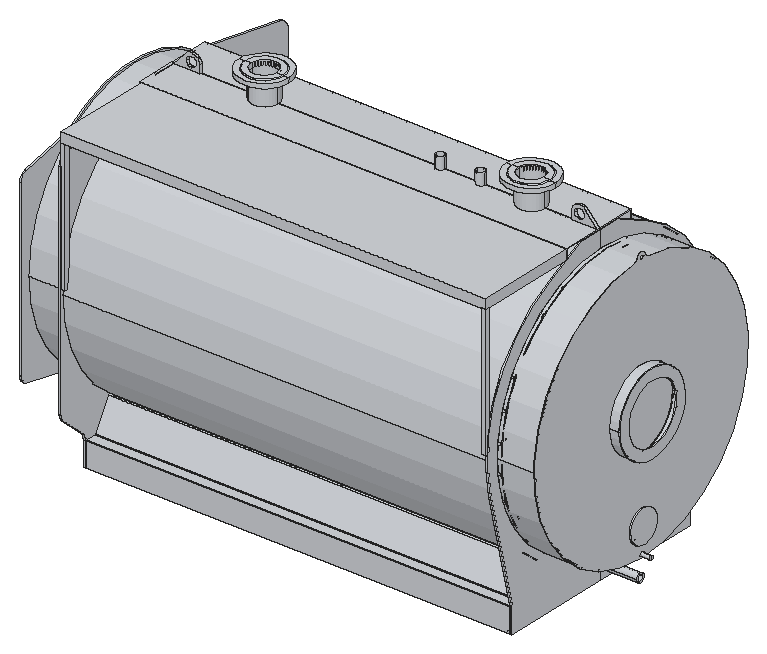
Revit family "BIMON_Котел_Водогрейный_TEMRON_WL1250", category Оборудование, Revit 2019
Family settings
  Размер круглого соединителя = Использовать диаметр
  Классификация = Нет
  Тип детали = Нормальный
  На основе рабочей плоскости = Нет
  Всегда вертикально = Да
  При загрузке вырезать с полостями = Нет
  Общий = Нет
  Точка расчета площади = Нет
Parameters
  УГО_Резмер [instance] = 0 mm
  УГО [instance] = yes
  Разработчик_Сайт = "https://www.bimon.ru/"
  Разработчик = "BIMON"  # constant formula
  Изготовитель = "Temron"  # constant formula
  URL = "https://temron.ru/catalog/temron-wl/main-wl/"
  TERMON_Расход уходящих газов = "2009 кг/ч"
  TEMRON_Теплопроизводительность = "1.25 МВт/1.07 (Гкал/ч)"
  TEMRON_Температура уходящих газов = "180-185 /185-190 °С"
  TEMRON_Температура на выходе из котла = "110 °С"
  TEMRON_Температура на входе в котёл = "60 °С"
  TEMRON_Сопротивление газового тракта = "7 мбар"
  TEMRON_Расход топлива для природного газа = "134.1 м³/ч"
  TEMRON_Расход воды через котел = "42.9 м³/ч"
  TEMRON_Номинальная производительность = "1.25 МВт"
  TEMRON_Максимальное рабочее давление = "0.6 МПа"
  TEMRON_Максимальная температура пара = 110 mm
  TEMRON_КПД = "92.4 %"
  TEMRON_Водяной объём котла = "1.4 м³"
  D5_Уходящие газы = 400 mm  # constant formula
  D4_Дренажный патрубок газового котла = 15 mm  # constant formula
  D3_Дренажный патрубок = 32 mm  # constant formula
  D2_Аварийная линия = 32 mm  # constant formula
  D1_Выход теплоносителя = 125 mm  # constant formula
  D1_Вход теплоносителя = 125 mm  # constant formula
  ADSK_Этаж [instance] = ""
  ADSK_Расход жидкости [instance] = 0.0 L/s
  ADSK_Расход воздуха [instance] = 0.0 L/s
  ADSK_Примечание [instance] = ""
  ADSK_Позиция [instance] = ""
  ADSK_Обозначение = ADSK_Марка  # "WL 1250"
  ADSK_Наименование краткое [instance] = "Котел низкого давления"
  ADSK_Наименование = "Водогрейный котел низкого давления"
  ADSK_Материал = none
  ADSK_Масса_Текст = "2081"
  ADSK_Масса = 2081  # constant formula
  ADSK_Марка = "WL 1250"  # constant formula
  ADSK_Количество = 1  # constant formula
  ADSK_Код изделия = ""
  ADSK_Завод-изготовитель = "Temron"  # constant formula
  ADSK_Единица измерения = "шт"  # constant formula
  ADSK_URL страницы изделия = "https://temron.ru/catalog/temron-wl/vodogreynye-kotly-nizkogo-davleniya-temron-wl-1250/"
Reference planes
  plane 1 "По центру (Вперед/Назад)": y = 0
  plane 2: z = 0
  plane 3 "По центру (Влево/Вправо)": x = 0
  plane 4: z = 1423
  plane 5: z = 1552
  plane 6: z = 1554
  plane 7: z = 1408.288
  plane 8: z = 830
  plane 9: z = 830
  plane 10: z = 830
  plane 11: z = 830
  plane 12: z = 1408.288
  plane 13: z = 830
  plane 14: x = -200
  plane 15: z = 830
Forms (mm)
  Extrusion 1, solid, detail levels fine
    sketch origin (0, 0, -220) x (0, 1, 0) y (0, 0, 1)
      loop
        circle (0, 1050) r 641
      loop
        circle (0, 1050) r 635
    from -1250 to 850
  Extrusion 2, solid, detail levels fine
    sketch origin (-1260, 1234.069, 980) x (0, 1, 0) y (0, 0, 1)
      loop
        circle (-1236.366, -150) r 642
      loop
        circle (-1236.366, -150) r 636
    from 0 to -10
  Extrusion 3, solid, detail levels fine
    sketch origin (-1260, 1234.069, 980) x (0, 1, 0) y (0, 0, 1)
      loop
        circle (-1234.069, -150) r 635
      loop
        circle (-1234.069, -150) r 140
    from 0 to -1
  Extrusion 4, solid, detail levels fine
    sketch origin (858.214, 1168.888, 980) x (0, 1, 0) y (0, 0, 1)
      loop
        circle (-1168.888, -150) r 565
      loop
        circle (-1168.888, -150) r 590
    from 0 to 10
  Extrusion 5, solid, detail levels fine
    sketch origin (858, 1168.888, 980) x (0, 1, 0) y (0, 0, 1)
      loop
        circle (-1168.888, -150) r 635
      loop
        circle (-1168.888, -150) r 180
    from 0 to 10
  Extrusion 6, solid, detail levels fine
    sketch origin (-1260, 1234.069, 1355) x (0, 1, 0) y (0, 0, 1)
      loop
        line (-684.069, -1235) -> (-724.069, -1235) -> (-724.069, -1238.9)
        arc (-724.069, -1238.9) -> (-723.044, -1241.375) -> (-720.569, -1242.4) r 3.5
        line (-720.569, -1242.4) -> (-695.069, -1242.4)
        arc (-695.069, -1242.4) -> (-690.473, -1244.304) -> (-688.569, -1248.9) r 6.5
        line (-688.569, -1248.9) -> (-688.569, -1341.1)
        arc (-688.569, -1341.1) -> (-690.473, -1345.696) -> (-695.069, -1347.6) r 6.5
        line (-695.069, -1347.6) -> (-720.569, -1347.6)
        arc (-720.569, -1347.6) -> (-723.044, -1348.625) -> (-724.069, -1351.1) r 3.5
        line (-724.069, -1351.1) -> (-724.069, -1355) -> (-684.069, -1355) -> (-684.069, -1235)
      loop
        line (-1784.069, -1235) -> (-1784.069, -1355) -> (-1744.069, -1355) -> (-1744.069, -1351.1)
        arc (-1744.069, -1351.1) -> (-1745.094, -1348.625) -> (-1747.569, -1347.6) r 3.5
        line (-1747.569, -1347.6) -> (-1773.069, -1347.6)
        arc (-1773.069, -1347.6) -> (-1777.665, -1345.696) -> (-1779.569, -1341.1) r 6.5
        line (-1779.569, -1341.1) -> (-1779.569, -1248.9)
        arc (-1779.569, -1248.9) -> (-1777.665, -1244.304) -> (-1773.069, -1242.4) r 6.5
        line (-1773.069, -1242.4) -> (-1747.569, -1242.4)
        arc (-1747.569, -1242.4) -> (-1745.094, -1241.375) -> (-1744.069, -1238.9) r 3.5
        line (-1744.069, -1238.9) -> (-1744.069, -1235) -> (-1784.069, -1235)
    from 10 to 2110
  Sweep 7, solid, detail levels fine
    path origin (110, 0, -374.979) x (1, 0, 0) y (0, 0, 1)
      loop
        line (600, 579.979) -> (600, 529.979)
        arc (600, 529.979) -> (621.967, 476.946) -> (675, 454.979) r 75
        line (675, 454.979) -> (945, 454.979)
    profile origin (710, 0, 180) x (0, -1, 0) y (1, 0, 0)
      loop
        circle (0, 0) r 21
      loop
        circle (0, 0) r 18
  Extrusion 8, solid, detail levels fine
    sketch origin (-1260, 1234.069, 980) x (0, 1, 0) y (0, 0, 1)
      loop
        circle (-1236.366, -150) r 690
      loop
        circle (-1236.366, -150) r 691
    from 0 to 2110
  Extrusion 9, solid, detail levels fine
    sketch origin (-1260, 1234.069, 808) x (0, 1, 0) y (0, 0, 1)
      loop
        line (-1034.069, 652.488) -> (-1034.069, 746) -> (-1233.069, 746) -> (-1233.069, 730) -> (-1231.069, 730) -> (-1231.069, 744) -> (-1036.069, 744) -> (-1036.069, 652.488) -> (-1034.069, 652.488)
      loop
        line (-1237.065, 730) -> (-1235.065, 730) -> (-1235.065, 746) -> (-1434.069, 746) -> (-1434.069, 649) -> (-1432.069, 649) -> (-1432.069, 744) -> (-1237.065, 744) -> (-1237.065, 730)
    from 2110 to 0
  Extrusion 10, solid, detail levels fine
    sketch origin (-1260, 1234.069, 1355) x (0, 1, 0) y (0, 0, 1)
      loop
        line (-1783.069, -1232) -> (-1783.069, -1235) -> (-1728.077, -1235)
        arc (-1728.077, -1235) -> (-1724.077, -1233.928) -> (-1721.149, -1231) r 8
        line (-1721.149, -1231) -> (-1643.009, -1095.672)
        arc (-1643.009, -1095.672) -> (-1639.954, -1093.337) -> (-1636.145, -1093.861) r 5
        line (-1636.145, -1093.861) -> (-1602.004, -1113.572) -> (-1600.504, -1110.974) -> (-1634.726, -1091.216)
        arc (-1634.726, -1091.216) -> (-1640.776, -1090.451) -> (-1645.607, -1094.172) r 8
        line (-1645.607, -1094.172) -> (-1723.739, -1229.5)
        arc (-1723.739, -1229.5) -> (-1725.569, -1231.33) -> (-1728.069, -1232) r 5
        line (-1728.069, -1232) -> (-1783.069, -1232)
      loop
        line (-685.069, -1232) -> (-740.069, -1232)
        arc (-740.069, -1232) -> (-742.569, -1231.33) -> (-744.399, -1229.5) r 5
        line (-744.399, -1229.5) -> (-822.531, -1094.172)
        arc (-822.531, -1094.172) -> (-827.362, -1090.451) -> (-833.412, -1091.216) r 8
        line (-833.412, -1091.216) -> (-867.634, -1110.974) -> (-866.134, -1113.572) -> (-831.993, -1093.861)
        arc (-831.993, -1093.861) -> (-828.184, -1093.337) -> (-825.129, -1095.672) r 5
        line (-825.129, -1095.672) -> (-746.989, -1231)
        arc (-746.989, -1231) -> (-744.061, -1233.928) -> (-740.061, -1235) r 8
        line (-740.061, -1235) -> (-685.069, -1235) -> (-685.069, -1232)
    from 10 to 2110
  Revolve 11, solid, detail levels fine
    sketch origin (0, 0, -220) x (1, 0, 0) y (0, 0, 1)
      loop
        line (-1263, 650) -> (-1263, 642) -> (566, 642)
        spline (566, 642) -> (594.142, 645.688) -> (621.54, 656.578) -> (647.641, 674.288) -> (672.047, 698.353) -> (694.455, 728.291) -> (714.576, 763.581) -> (732.14, 803.63) -> (746.89, 847.782) -> (758.609, 895.304) -> (767.114, 945.411) -> (772.271, 997.264) -> (774, 1050)
        line (774, 1050) -> (766, 1050)
        spline (766, 1050) -> (764.289, 997.79) -> (759.185, 946.472) -> (750.776, 896.927) -> (739.205, 850) -> (724.671, 806.495) -> (707.421, 767.157) -> (687.752, 732.659) -> (666, 703.59) -> (642.537, 680.448) -> (617.764, 663.63) -> (592.105, 653.422) -> (566, 650)
        line (566, 650) -> (-1263, 650)
      axis (-1263, 1050) -> (774, 1050)
    angle from 0 to 360
  Revolve 12, solid, detail levels fine
    sketch origin (110, 0, -220) x (1, 0, 0) y (0, 0, 1)
      loop
        line (758, 1396) -> (554, 1396) -> (572.625, 1363.74) -> (758, 1363.74) -> (758, 1382.442) -> (758, 1396)
      axis (554, 1050) -> (758, 1050)
    angle from 0 to 360
  Extrusion 13, solid, detail levels fine
    sketch origin (-4078.688, -1524, 1009) x (-1, 0, 0) y (0, -1, 0)
      loop
        circle (-4143.688, -1524) r 20.95
      loop
        circle (-4143.688, -1524) r 19.45
    from 448 to 600
  Revolve 14, solid, detail levels fine
    sketch origin (110, 0, -220) x (1, 0, 0) y (0, 0, 1)
      loop
        line (784.575, 1238.5) -> (638.657, 1238.5) -> (638.657, 1050) -> (646.657, 1050) -> (646.657, 1229.503) -> (784.575, 1229.503) -> (784.575, 1238.5)
      axis (784.575, 1050) -> (638.657, 1050)
    angle from 0 to 360
  Revolve 15, solid, detail levels fine
    sketch origin (514.873, 0, 1475.63) x (1, 0, 0) y (0, 0, 1)
      loop
        line (-62.5, 188.37) -> (-62.5, 212.37) -> (-91.873, 212.37) -> (-94.873, 209.37) -> (-122.373, 209.37) -> (-122.373, 188.37) -> (-62.5, 188.37)
      axis (0, 212.37) -> (0, 188.37)
    angle from 0 to 360
  Extrusion 16, solid, detail levels fine
    sketch origin (-1570, 0, 830) x (0, 1, 0) y (0, 0, 1)
      loop
        circle (0, 0) r 658
      loop
        circle (0, 0) r 652
    from 123 to 300
  Revolve 17, solid, detail levels fine
    sketch origin (-1570, 0, 830) x (1, 0, 0) y (0, 0, 1)
      loop
        line (300, -652.499) -> (300, -622.499) -> (239.893, -622.499) -> (126, -622.499)
        arc (126, -622.499) -> (123.879, -623.378) -> (123, -625.499) r 3
        line (123, -625.499) -> (123, -652.499) -> (300, -652.499)
      axis (123, 0) -> (300, 0)
    angle from 0 to 360
  Extrusion 18, solid, detail levels fine
    sketch origin (-1447, 0, 830) x (0, 1, 0) y (0, 0, 1)
      loop
        line (415.235, -522.528) -> (668.259, -469.138)
        arc (668.259, -469.138) -> (691.067, -455.196) -> (700, -430) r 40
        line (700, -430) -> (700, 430)
        arc (700, 430) -> (691.067, 455.196) -> (668.259, 469.138) r 40
        line (668.259, 469.138) -> (415.235, 522.529)
        arc (415.235, 522.529) -> (404.986, 525.879) -> (395.694, 531.349) r 50
        arc (395.694, 531.349) -> (0, 662.5) -> (-395.694, 531.349) r 662.5
        arc (-395.694, 531.349) -> (-404.986, 525.879) -> (-415.235, 522.529) r 50
        line (-415.235, 522.529) -> (-668.259, 469.138)
        arc (-668.259, 469.138) -> (-691.067, 455.196) -> (-700, 430) r 40
        line (-700, 430) -> (-700, -430)
        arc (-700, -430) -> (-691.067, -455.196) -> (-668.259, -469.138) r 40
        line (-668.259, -469.138) -> (-415.235, -522.528)
        arc (-415.235, -522.528) -> (-404.986, -525.879) -> (-395.694, -531.349) r 50
        arc (-395.694, -531.349) -> (0, -662.5) -> (395.694, -531.349) r 662.5
        arc (395.694, -531.349) -> (404.986, -525.879) -> (415.235, -522.528) r 50
      loop
        circle (0, 0) r 140
    from 0 to -8
  Extrusion 19, solid, detail levels fine
    sketch origin (-1165.3, -1524, 1863.003) x (0, 0, 1) y (0, -1, 0)
      loop
        circle (-1033.003, -1524) r 185
      loop
        circle (-1033.003, -1524) r 205
    from -297.736 to -289.7
  Extrusion 20, solid, detail levels fine
    sketch origin (-1173.336, -1524, 1863.003) x (0, 0, 1) y (0, -1, 0)
      loop
        circle (-1033.003, -1524) r 205
    from -301.664 to -289.7
  Extrusion 21, solid, detail levels fine
    sketch origin (1125, 0, 829.999) x (0, -1, 0) y (0, 0, 1)
      loop
        circle (0, 0) r 652
      loop
        circle (0, 0) r 655
    from 68 to 252
  Revolve 22, solid, detail levels fine
    sketch origin (1635, 0, 830) x (-1, 0, 0) y (0, 0, 1)
      loop
        line (749, -652.499) -> (749, -625.499)
        arc (749, -625.499) -> (749.293, -624.792) -> (750, -624.499) r 1
        line (750, -624.499) -> (762, -624.499) -> (762, -622.499) -> (750, -622.499)
        arc (750, -622.499) -> (747.879, -623.378) -> (747, -625.499) r 3
        line (747, -625.499) -> (747, -652.499) -> (749, -652.499)
      axis (747, 0) -> (762, 0)
    angle from 0 to 360
  Extrusion 23, solid, detail levels fine
    sketch origin (1057, 0, 830) x (0, -1, 0) y (0, 0, 1)
      loop
        circle (0, 0) r 200
      loop
        circle (0, -515) r 65
      loop
        arc (-24.651, 672.767) -> (-32.65, 663.081) -> (-44.352, 658.508) r 25
        arc (-44.352, 658.508) -> (0, -660) -> (44.352, 658.508) r 660
        arc (44.352, 658.508) -> (32.65, 663.081) -> (24.651, 672.767) r 25
        line (24.651, 672.767) -> (20.392, 681.9)
        arc (20.392, 681.9) -> (0, 694.891) -> (-20.392, 681.9) r 22.5
        line (-20.392, 681.9) -> (-24.651, 672.767)
      loop
        circle (0, 672.391) r 12.5
    from 0 to -3
  Extrusion 24, solid, detail levels fine
    sketch origin (1057, 0, 830) x (0, -1, 0) y (0, 0, 1)
      loop
        circle (0, 0) r 195
      loop
        circle (0, 0) r 198
    from -3 to -53
  Extrusion 25, solid, detail levels fine
    sketch origin (1057, 0, 830) x (0, -1, 0) y (0, 0, 1)
      loop
        circle (0, 0) r 200
      loop
        circle (0, 0) r 150
    from -59 to -53
  Revolve 26, solid, detail levels fine
    sketch origin (1635, 0, 830) x (-1, 0, 0) y (0, 0, 1)
      loop
        line (745, -622.499) -> (745, -652.499) -> (765, -652.499) -> (765, -622.499) -> (745, -622.499)
      axis (745, 0) -> (765, 0)
    angle from 0 to 360
  Extrusion 27, solid, detail levels fine
    sketch origin (760, 0, 1636.988) x (-1, 0, 0) y (0, 0, 1)
      loop
        line (-30.78, -18.84) -> (-90, -85.988) -> (-90, -165.988) -> (40, -165.988) -> (40, -45.988)
        arc (40, -45.988) -> (13.936, -8.1) -> (-30.78, -18.84) r 40.606
      loop
        circle (0, -45.988) r 25
    from -5 to 5
  Extrusion 28, solid, detail levels fine
    sketch origin (-805, 0, 1459) x (1, 0, 0) y (0, 1, 0)
      loop
        circle (0, 0) r 62.5
      loop
        circle (0, 0) r 66.5
    from -4 to 224
  Extrusion 29, solid, detail levels fine
    sketch origin (860, 3521.357, 2224.673) x (0, -1, 0) y (0, 0, -1)
      loop
        line (3521.357, 2224.673) -> (3521.357, 2169.673)
        arc (3521.357, 2169.673) -> (3546.357, 2144.673) -> (3521.357, 2119.673) r 25
        line (3521.357, 2119.673) -> (3521.357, 2035.673)
        arc (3521.357, 2035.673) -> (4162.357, 1394.673) -> (3521.357, 753.673) r 641
        line (3521.357, 753.673) -> (3521.357, 670.673) -> (3621.357, 670.673)
        arc (3621.357, 670.673) -> (3632.114, 671.844) -> (3642.367, 675.302) r 50
        line (3642.367, 675.302) -> (3815.494, 759.47)
        arc (3815.494, 759.47) -> (4151.669, 1090.196) -> (4201.769, 1559.113) r 700
        line (4201.769, 1559.113) -> (4072.756, 2092.936)
        arc (4072.756, 2092.936) -> (4071.708, 2098.767) -> (4071.357, 2104.681) r 50
        line (4071.357, 2104.681) -> (4071.357, 2224.673) -> (3521.357, 2224.673)
    from -2 to -10
  Extrusion 30, solid, detail levels fine
    sketch origin (-1260, -1234.069, 980) x (0, -1, 0) y (0, 0, -1)
      loop
        line (-1234.069, 980) -> (-1784.069, 980) -> (-1784.069, 860.008)
        arc (-1784.069, 860.008) -> (-1788.371, 839.717) -> (-1800.538, 822.917) r 50
        line (-1800.538, 822.917) -> (-1917.6, 717.09)
        arc (-1917.6, 717.09) -> (-1929.767, 700.291) -> (-1934.069, 680) r 50
        line (-1934.069, 680) -> (-1934.069, -420)
        arc (-1934.069, -420) -> (-1922.457, -452.037) -> (-1893.013, -469.194) r 50
        line (-1893.013, -469.194) -> (-1343.013, -573.193)
        arc (-1343.013, -573.193) -> (-1338.559, -573.798) -> (-1334.069, -574) r 50
        line (-1334.069, -574) -> (-1234.069, -574) -> (-1234.069, -491)
        arc (-1234.069, -491) -> (-1875.069, 150) -> (-1234.069, 791) r 641
        line (-1234.069, 791) -> (-1234.069, 980)
    from 0 to 10
  Extrusion 31, solid, detail levels fine
    sketch origin (1060, 0, 775) x (0, 1, 0) y (0, 0, 1)
      loop
        circle (0, -460) r 80
      loop
        circle (0, -387.5) r 4.75
      loop
        circle (62.787, -496.25) r 4.75
      loop
        circle (-62.787, -496.25) r 4.75
    from 0 to 13
  Extrusion 32, solid, detail levels fine
    sketch origin (-3878.688, -1524, 1009) x (-1, 0, 0) y (0, -1, 0)
      loop
        circle (-4143.688, -1524) r 20.95
      loop
        circle (-4143.688, -1524) r 19.45
    from 448 to 600
  Sweep 33, solid, detail levels fine
    path origin (-87.676, 0, 327.193) x (0.985926, 0, 0.167181) y (-0.167181, 0, 0.985926)
      loop
        line (-1181.48, 1163.24) -> (-1218.103, 1184.385)
    profile origin (-1466.821, 0, 1283.903) x (-0.34818, 0, -0.937428) y (0, -1, 0)
      loop
        circle (0, 0.103) r 24
  Sweep 34, solid, detail levels fine
    path origin (-69.786, 0, 320.548) x (0.985926, 0, 0.167181) y (-0.167181, 0, 0.985926)
      loop
        line (-1234.63, 1193.927) -> (-1265.068, 1211.5)
    profile origin (-1503.116, 0, 1297.383) x (-0.34818, 0, -0.937428) y (0, -1, 0)
      loop
        circle (0, 0) r 30
  Extrusion 35, solid, detail levels fine
    sketch origin (-1160, 0, 1636.988) x (1, 0, 0) y (0, 0, -1)
      loop
        arc (-30.78, 18.84) -> (13.936, 8.1) -> (40, 45.988) r 40.606
        line (40, 45.988) -> (40, 165.988) -> (-90, 165.988) -> (-90, 85.988) -> (-30.78, 18.84)
      loop
        circle (0, 45.988) r 25
    from -5 to 5
  Extrusion 36, solid, detail levels fine
    sketch origin (-1260, 1234.069, 980) x (0, 1, 0) y (0, 0, 1)
      loop
        line (-1234.069, -980) -> (-1234.069, -791)
        arc (-1234.069, -791) -> (-1875.069, -150) -> (-1234.069, 491) r 641
        line (-1234.069, 491) -> (-1234.069, 574) -> (-1334.069, 574)
        arc (-1334.069, 574) -> (-1338.559, 573.798) -> (-1343.013, 573.193) r 50
        line (-1343.013, 573.193) -> (-1893.013, 469.194)
        arc (-1893.013, 469.194) -> (-1922.457, 452.037) -> (-1934.069, 420) r 50
        line (-1934.069, 420) -> (-1934.069, -680)
        arc (-1934.069, -680) -> (-1929.767, -700.291) -> (-1917.6, -717.09) r 50
        line (-1917.6, -717.09) -> (-1800.538, -822.917)
        arc (-1800.538, -822.917) -> (-1788.371, -839.717) -> (-1784.069, -860.008) r 50
        line (-1784.069, -860.008) -> (-1784.069, -980) -> (-1234.069, -980)
    from 0 to 10
  Extrusion 37, solid, detail levels fine
    sketch origin (860, -3521.357, 2224.673) x (0, 1, 0) y (0, 0, 1)
      loop
        line (3521.357, -2224.673) -> (4071.357, -2224.673) -> (4071.357, -2104.681)
        arc (4071.357, -2104.681) -> (4071.708, -2098.767) -> (4072.756, -2092.936) r 50
        line (4072.756, -2092.936) -> (4201.769, -1559.113)
        arc (4201.769, -1559.113) -> (4151.669, -1090.196) -> (3815.494, -759.47) r 700
        line (3815.494, -759.47) -> (3642.367, -675.302)
        arc (3642.367, -675.302) -> (3632.114, -671.844) -> (3621.357, -670.673) r 50
        line (3621.357, -670.673) -> (3521.357, -670.673) -> (3521.357, -753.673)
        arc (3521.357, -753.673) -> (4162.357, -1394.673) -> (3521.357, -2035.673) r 641
        line (3521.357, -2035.673) -> (3521.357, -2119.673)
        arc (3521.357, -2119.673) -> (3546.357, -2144.673) -> (3521.357, -2169.673) r 25
        line (3521.357, -2169.673) -> (3521.357, -2224.673)
    from -2 to -10
  Extrusion 38, solid, detail levels fine
    sketch origin (515, 0, 1459) x (1, 0, 0) y (0, 1, 0)
      loop
        circle (0, 0) r 62.5
      loop
        circle (0, 0) r 66.5
    from -4 to 224
  Revolve 39, solid, detail levels fine
    sketch origin (-805, 0, 1475.63) x (1, 0, 0) y (0, 0, 1)
      loop
        line (-62.5, 188.37) -> (-62.5, 212.37) -> (-91.873, 212.37) -> (-94.873, 209.37) -> (-122.373, 209.37) -> (-122.373, 188.37) -> (-62.5, 188.37)
      axis (0, 212.37) -> (0, 188.37)
    angle from 0 to 360
  Extrusion 40, solid, detail levels fine
    sketch origin (-1260, 171.997, 814) x (0, 1, 0) y (0, 0, 1)
      loop
        line (-871.997, 740) -> (-871.997, 690) -> (-371.997, 690) -> (-371.997, 740) -> (-871.997, 740)
    from 10 to 2110
  Extrusion 41, solid, detail levels fine
    sketch origin (-1307.815, -1304.985, 1474) x (-1, 0, 0) y (0, -1, 0)
      loop
        line (-57.815, -624.985) -> (-57.815, -604.985) -> (-77.815, -604.985) -> (-77.815, -624.985) -> (-57.815, -624.985)
      loop
        line (-2137.815, -624.985) -> (-2137.815, -604.985) -> (-2157.815, -604.985) -> (-2157.815, -624.985) -> (-2137.815, -624.985)
    from -616 to 30
  Revolve 42, solid, detail levels fine
    sketch origin (-1301.916, 0, 830) x (1, 0, 0) y (0, 0, 1)
      loop
        line (-145.084, 140) -> (31.916, 140) -> (31.916, 652) -> (-145.084, 652) -> (-145.084, 140)
      axis (31.916, 0) -> (-145.084, 0)
    angle from 0 to 360
  Revolve 43, solid
    sketch origin (284, 0, 18.679) x (1, 0, 0) y (0, 0, 1)
      loop
        line (776, 169.32) -> (826, 169.32) -> (826, 179.32) -> (776, 179.32) -> (776, 169.32)
      axis (776, 169.32) -> (826, 169.32)
    angle from 0 to 360
Lines and regions (mm)
  model lines, detail levels coarse+medium
    curve 1: line (-1550, 0, 2180) -> (1150, 0, 2180)
    curve 2: line (-1550, 0, -520) -> (-1550, 0, 2180)
    curve 3: line (1150, 0, -520) -> (-1550, 0, -520)
    curve 4: line (1150, 0, 2180) -> (1150, 0, -520)
Dimensions and locks
  plane 9 to level = 830 mm
  plane 10 to level = 830 mm
  plane 11 to level = 830 mm
  Revolve 42 sketch curve to Revolve 42 sketch curve = 140 mm
  Revolve 42 sketch curve to Revolve 42 sketch curve = 652 mm
  curve 2 to plane 14 = 1350 mm
  plane 14 to curve 4 = 1350 mm
  curve 1 to plane 15 = 1350 mm
  plane 15 to curve 3 = 1350 mm
  nested 3 to nested 3 = 2700 mm
  diameter of Extrusion 4 sketch curve = 1130 mm
  aligned and locked: level to plane 2
  aligned and locked: Extrusion 6 to Extrusion 1
  aligned and locked: Extrusion 1 to Extrusion 6
  aligned and locked: Extrusion 18 to Sweep 33 sketch curve
Nested families
  nested 1: "Надпись_Temron_крышка_WL1100" at (-1455, -306, 1160) x (0, -1, 0) z (1, 0, 0), type "Надпись_Temron_крышка_WL1100", detail levels fine
  nested 2: "Надпись_Temron_бак_WL1100" at (-200, -1.028, 824.753) x (-1, 0, 0) z (0, 0, 1), type "Надпись_Temron_бак_WL1100", detail levels fine
  nested 3: "УГО_Котел_Разрез" at (-200, 0, 0), visible <- "УГО", type "УГО_Котел_Разрез", detail levels coarse+medium
    with H 2700 mm
Connectors
  piping at (1110, 0, 187.999), diameter 15, driven by "D4_Дренажный патрубок газового котла"
    settings: on Revolve 43, index 14, connector inside diameter 609.6 mm, connector length 0 mm, flow factor 0, pipe flow 0.0 L/s, pressure drop 0.0 Pa, fitting loss kfactor 0, connector angle 0.00°, fixture units 0, engagement length 0 mm, angle of deflection 0.00°, flow configuration 1, flow direction 1, fitting loss method 0, system type 29, joint type 0, gender type 0, connector reference index -1, connector utility 0, adjustable connector no, is connector primary yes, connector description ""
  piping at (1055, 0, 80), diameter 32, driven by "D3_Дренажный патрубок"
    settings: on Sweep 7, index 15, connector inside diameter 609.6 mm, connector length 0 mm, flow factor 0, pipe flow 0.0 L/s, pressure drop 0.0 Pa, fitting loss kfactor 0, connector angle 0.00°, fixture units 0, engagement length 0 mm, angle of deflection 0.00°, flow configuration 1, flow direction 1, fitting loss method 0, system type 29, joint type 0, gender type 0, connector reference index -1, connector utility 0, adjustable connector no, is connector primary no, connector description ""
  piping at (515, 0, 1683), diameter 125, driven by "D1_Вход теплоносителя"
    settings: on Extrusion 38, index 16, connector inside diameter 609.6 mm, connector length 0 mm, flow factor 0, pipe flow 0.0 L/s, pressure drop 0.0 Pa, fitting loss kfactor 0, connector angle 0.00°, fixture units 0, engagement length 0 mm, angle of deflection 0.00°, flow configuration 0, flow direction 0, fitting loss method 0, system type 29, joint type 0, gender type 0, connector reference index -1, connector utility 0, adjustable connector no, is connector primary no, connector description ""
  piping at (-805, 0, 1683), diameter 125, driven by "D1_Выход теплоносителя"
    settings: on Extrusion 28, index 17, connector inside diameter 609.6 mm, connector length 0 mm, flow factor 0, pipe flow 0.0 L/s, pressure drop 0.0 Pa, fitting loss kfactor 0, connector angle 0.00°, fixture units 0, engagement length 0 mm, angle of deflection 0.00°, flow configuration 0, flow direction 0, fitting loss method 0, system type 29, joint type 0, gender type 0, connector reference index -1, connector utility 0, adjustable connector no, is connector primary no, connector description ""
  piping at (65, 0, 1609), diameter 32, driven by "D2_Аварийная линия"
    settings: on Extrusion 13, index 18, connector inside diameter 609.6 mm, connector length 0 mm, flow factor 0, pipe flow 0.0 L/s, pressure drop 0.0 Pa, fitting loss kfactor 0, connector angle 0.00°, fixture units 0, engagement length 0 mm, angle of deflection 0.00°, flow configuration 0, flow direction 0, fitting loss method 0, system type 29, joint type 0, gender type 0, connector reference index -1, connector utility 0, adjustable connector no, is connector primary no, connector description ""
  piping at (265, 0, 1609), diameter 32, driven by "D2_Аварийная линия"
    settings: on Extrusion 32, index 19, connector inside diameter 609.6 mm, connector length 0 mm, flow factor 0, pipe flow 0.0 L/s, pressure drop 0.0 Pa, fitting loss kfactor 0, connector angle 0.00°, fixture units 0, engagement length 0 mm, angle of deflection 0.00°, flow configuration 0, flow direction 0, fitting loss method 0, system type 29, joint type 0, gender type 0, connector reference index -1, connector utility 0, adjustable connector no, is connector primary no, connector description ""
  hvac at (1116, 0, 830), driven by "D5_Уходящие газы"
    settings: on Extrusion 25, index 20, duct flow 0.0 L/s, flow factor 0, pres drop 0.0 Pa, loss coef 0, conn angle 0.00°, conn width 304.8 mm, conn height 304.8 mm, conn diameter 400 mm, duct sys type 29, conn prof type 0, flow config 1, flow direction 2, loss method 0, conn ref index -1, conn util no, is conn primary yes, conn desc ""
Definition of nested family "Надпись_Temron_крышка_WL1100"
  Parameters (values of type "Надпись_Temron_крышка_WL800")
    Default Elevation = 1219.2 mm
    Красный = none
    Белый = none
  Reference planes
    plane 1 "По центру (Вперед/Назад)": y = 0
    plane 2: z = 0
    plane 3 "По центру (Влево/Вправо)": x = 0
    plane 4: z = -0.5
    plane 5: z = -1
  Forms (mm)
    Extrusion 1, solid
      sketch origin (0, 0, 0) x (1, 0, 0) y (0, 1, 0)
        loop
          line (-1219.2, 1219.2) -> (-1219.2, -1219.2) -> (1300.204, -1219.2) -> (1300.204, 1219.2) -> (-1219.2, 1219.2)
      from 0 to -304.8
    Extrusion 2, solid, material <- "Белый"
      sketch origin (0, 0, 0) x (1, 0, 0) y (0, 1, 0)
        loop
          line (-150, 36.22) -> (-150, -36.22) -> (150, -36.22) -> (150, 36.22) -> (-150, 36.22)
      from -0.5 to 0
    Extrusion 3, solid, material <- "Красный"
      sketch origin (0, 0, 0) x (1, 0, 0) y (0, 1, 0)
        loop
          line (-150, -21.546) -> (-107.313, -21.546) -> (-107.313, -12.491) -> (-120.248, -12.491) -> (-120.248, 22.435) -> (-125.422, 22.435) -> (-131.89, 22.435) -> (-131.89, -12.491) -> (-150, -12.491) -> (-150, -21.546)
        loop
          line (-100.647, -21.546) -> (-69.471, -21.546) -> (-69.471, -12.491) -> (-90.168, -12.491) -> (-90.168, -3.436) -> (-72.058, -3.436) -> (-72.058, 4.325) -> (-90.168, 4.325) -> (-90.168, 13.38) -> (-69.471, 13.38) -> (-69.471, 22.435) -> (-100.647, 22.435) -> (-100.647, -21.546)
        loop
          line (-61.763, -21.546) -> (-49.852, -21.546) -> (-37.893, -4.466) -> (-25.526, -21.546) -> (-13.901, -21.546) -> (-13.901, 22.435) -> (-13.901, 36.22) -> (-25.543, 36.22) -> (-25.543, -3.436) -> (-34.749, 9.279) -> (-41.217, 9.279) -> (-50.12, -3.436) -> (-50.12, 22.435) -> (-61.763, 22.435) -> (-61.763, -21.546)
        loop
          line (-4.868, -21.546) -> (20.529, -21.546)
          spline (20.529, -21.546) -> (23.36, -20.809) -> (25.985, -19.266) -> (28.246, -17.012) -> (30.005, -14.181) -> (31.157, -10.946) -> (31.631, -7.503) -> (31.399, -4.059) -> (30.475, -0.824) -> (28.914, 2.006) -> (26.812, 4.261) -> (24.295, 5.804) -> (21.516, 6.541)
          line (21.516, 6.541) -> (32.646, 22.435) -> (21.16, 22.435) -> (12.54, 10.124)
          arc (12.54, 10.124) -> (8.195, 8.649) -> (5.481, 12.35) r 3.881
          line (5.481, 12.35) -> (5.481, 22.435) -> (-4.868, 22.435) -> (-4.868, -21.546)
        loop
          line (89.798, -21.546) -> (100.146, -21.546) -> (120.809, 7.963) -> (120.809, -21.546) -> (132.451, -21.546) -> (132.451, 22.435) -> (117.814, 22.435) -> (101.44, -0.95) -> (101.44, 22.435) -> (89.798, 22.435) -> (89.798, -21.546)
        loop
          line (5.481, 0) -> (5.481, -11.642) -> (14.679, -11.642)
          arc (14.679, -11.642) -> (20.5, -5.821) -> (14.679, 0) r 5.821
          line (14.679, 0) -> (5.481, 0)
        loop
          spline (59.714, -13.38) -> (62.728, -12.924) -> (65.535, -11.587) -> (67.947, -9.461) -> (69.797, -6.69) -> (70.96, -3.463) -> (71.356, 0) -> (70.96, 3.463) -> (69.797, 6.69) -> (67.947, 9.461) -> (65.535, 11.587) -> (62.728, 12.924) -> (59.714, 13.38)
          spline (59.714, 13.38) -> (56.701, 12.924) -> (53.893, 11.587) -> (51.482, 9.461) -> (49.632, 6.69) -> (48.469, 3.463) -> (48.072, 0) -> (48.469, -3.463) -> (49.632, -6.69) -> (51.482, -9.461) -> (53.893, -11.587) -> (56.701, -12.924) -> (59.714, -13.38)
        loop
          spline (59.714, -22.435) -> (65.406, -21.671) -> (70.71, -19.429) -> (75.264, -15.864) -> (78.759, -11.217) -> (80.956, -5.807) -> (81.705, 0) -> (80.956, 5.807) -> (78.759, 11.217) -> (75.264, 15.864) -> (70.71, 19.429) -> (65.406, 21.671) -> (59.714, 22.435)
          spline (59.714, 22.435) -> (54.023, 21.671) -> (48.719, 19.429) -> (44.165, 15.864) -> (40.67, 11.217) -> (38.473, 5.807) -> (37.724, 0) -> (38.473, -5.807) -> (40.67, -11.217) -> (44.165, -15.864) -> (48.719, -19.429) -> (54.023, -21.671) -> (59.714, -22.435)
      from -0.5 to -1
  Dimensions and locks
    level to plane 4 = 0.5 mm
    level to plane 5 = 1 mm
    aligned and locked: plane 2 to Extrusion 1
    aligned and locked: level to Extrusion 1
    aligned and locked: level to Extrusion 2
    aligned and locked: Extrusion 2 to plane 4
    aligned and locked: Extrusion 2 to Extrusion 3
    aligned and locked: Extrusion 3 to plane 5
Definition of nested family "Надпись_Temron_бак_WL1100"
  Parameters (values of type "Надпись_Temron_бак_WL1100")
    Default Elevation = 1219.2 mm
    Красный = none
  Reference planes
    plane 1 "По центру (Вперед/Назад)": y = 0
    plane 2: z = 0
    plane 3 "По центру (Влево/Вправо)": x = 0
    plane 4: x = -600
    plane 5: x = 600
    plane 6: z = 150
    plane 7: z = -150
    plane 8: y = -300
  Forms (mm)
    Extrusion 1, solid, material <- "Красный"
      sketch origin (4267.2, -300, 603.455) x (0, 0, 1) y (1, 0, 0)
        loop
          line (-418.455, -5007.2) -> (-418.455, -3527.2) -> (-788.455, -3527.2) -> (-788.455, -4315.716) -> (-724.405, -4315.716) -> (-500.949, -4315.716) -> (-500.949, -4374.783) -> (-587.727, -4437.613) -> (-500.949, -4498.375) -> (-500.949, -4558.889) -> (-724.405, -4558.889) -> (-724.405, -4499.739) -> (-592.96, -4499.739) -> (-657.564, -4454.503) -> (-657.564, -4421.641) -> (-592.96, -4374.866) -> (-788.455, -4374.866) -> (-788.455, -5007.2) -> (-546.955, -5007.2) -> (-546.955, -4915.189) -> (-724.405, -4915.189) -> (-724.405, -4856.039) -> (-546.955, -4856.039) -> (-546.955, -4790.316) -> (-500.949, -4790.316) -> (-500.949, -5007.2) -> (-418.455, -5007.2)
        loop
          line (-500.949, -4756.449) -> (-500.949, -4598.053) -> (-546.955, -4598.053) -> (-546.955, -4703.208) -> (-592.96, -4703.208) -> (-592.96, -4611.197) -> (-632.394, -4611.197) -> (-632.394, -4703.208) -> (-678.399, -4703.208) -> (-678.399, -4598.053) -> (-724.405, -4598.053) -> (-724.405, -4756.449) -> (-500.949, -4756.449)
        loop
          line (-724.405, -4269.821) -> (-500.949, -4269.821) -> (-500.949, -4140.786)
          spline (-500.949, -4140.786) -> (-504.693, -4126.404) -> (-512.531, -4113.067) -> (-523.987, -4101.581) -> (-538.369, -4092.641) -> (-554.805, -4086.79) -> (-572.299, -4084.381) -> (-589.794, -4085.561) -> (-606.23, -4090.257) -> (-620.611, -4098.185) -> (-632.068, -4108.866) -> (-639.905, -4121.653) -> (-643.65, -4135.771)
          line (-643.65, -4135.771) -> (-724.405, -4079.226) -> (-724.405, -4137.579) -> (-661.858, -4181.375)
          arc (-661.858, -4181.375) -> (-654.363, -4203.455) -> (-673.167, -4217.243) r 19.717
          line (-673.167, -4217.243) -> (-724.405, -4217.243) -> (-724.405, -4269.821)
        loop
          arc (-551.268, -4170.511) -> (-580.843, -4140.936) -> (-610.418, -4170.511) r 29.575
          line (-610.418, -4170.511) -> (-610.418, -4217.243) -> (-551.268, -4217.243) -> (-551.268, -4170.511)
        loop
          spline (-542.438, -3941.696) -> (-544.754, -3926.387) -> (-551.545, -3912.121) -> (-562.349, -3899.871) -> (-576.428, -3890.471) -> (-592.824, -3884.562) -> (-610.418, -3882.546) -> (-628.013, -3884.562) -> (-644.409, -3890.471) -> (-658.488, -3899.871) -> (-669.291, -3912.121) -> (-676.083, -3926.387) -> (-678.399, -3941.696)
          spline (-678.399, -3941.696) -> (-676.083, -3957.006) -> (-669.291, -3971.272) -> (-658.488, -3983.522) -> (-644.409, -3992.922) -> (-628.013, -3998.831) -> (-610.418, -4000.847) -> (-592.824, -3998.831) -> (-576.428, -3992.922) -> (-562.349, -3983.522) -> (-551.545, -3971.272) -> (-544.754, -3957.006) -> (-542.438, -3941.696)
        loop
          spline (-496.432, -3941.696) -> (-500.316, -3912.779) -> (-511.703, -3885.833) -> (-529.818, -3862.693) -> (-553.425, -3844.937) -> (-580.917, -3833.776) -> (-610.418, -3829.969) -> (-639.92, -3833.776) -> (-667.412, -3844.937) -> (-691.019, -3862.693) -> (-709.133, -3885.833) -> (-720.521, -3912.779) -> (-724.405, -3941.696)
          spline (-724.405, -3941.696) -> (-720.521, -3970.614) -> (-709.133, -3997.56) -> (-691.019, -4020.7) -> (-667.412, -4038.456) -> (-639.92, -4049.617) -> (-610.418, -4053.424) -> (-580.917, -4049.617) -> (-553.425, -4038.456) -> (-529.818, -4020.7) -> (-511.703, -3997.56) -> (-500.316, -3970.614) -> (-496.432, -3941.696)
        loop
          line (-724.405, -3788.85) -> (-500.949, -3788.85) -> (-500.949, -3736.272) -> (-650.876, -3631.292) -> (-500.949, -3631.292) -> (-500.949, -3572.142) -> (-724.405, -3572.142) -> (-724.405, -3646.507) -> (-605.594, -3729.7) -> (-724.405, -3729.7) -> (-724.405, -3788.85)
      from 0 to -462.513
    Extrusion 2, void
      sketch origin (0, 366.649, -506.998) x (0, 1, 0) y (0, 0, 1)
        loop
          circle (-366.649, 506.998) r 691
      from -1351.217 to 1540.529
    Extrusion 3, void
      sketch origin (0, 0, 0) x (0, 1, 0) y (0, 0, 1)
        loop
          circle (0, 0) r 692
        loop
          circle (0, 0) r 860
      from -1499.991 to 995.39
  Cuts and joins
    Extrusion 2, Extrusion 3 cuts Extrusion 1
  Dimensions and locks
    plane 5 to plane 3 "По центру (Влево/Вправо)" to plane 4 = 600 mm, 600 mm
    plane 6 to level = 150 mm
    level to plane 7 = 150 mm
    plane 8 to plane 1 "По центру (Вперед/Назад)" = 300 mm
    aligned and locked: level to plane 2
Definition of nested family "УГО_Котел_Разрез"
  Parameters (values of type "УГО_Котел_Разрез")
    H [instance] = 250 mm
  Reference planes
    plane 1 "По центру (Вперед/Назад)": y = 0
    plane 2: z = 0
    plane 3 "По центру (Влево/Вправо)": x = 0
  Lines and regions (mm)
    detail lines, in view "Опорный уровень"
      curve 1: line (-125, 125, 0) -> (125, 125, 0)
      curve 2: line (-125, -125, 0) -> (-125, 125, 0)
      curve 3: line (125, -125, 0) -> (-125, -125, 0)
      curve 4: line (125, 125, 0) -> (125, -125, 0)
  Dimensions and locks
    equal spacing: curve 2, plane 3 "По центру (Влево/Вправо)", curve 4
    equal spacing: curve 3, plane 1 "По центру (Вперед/Назад)", curve 1
    "H": curve 1 to curve 3
    "H": curve 2 to curve 4
